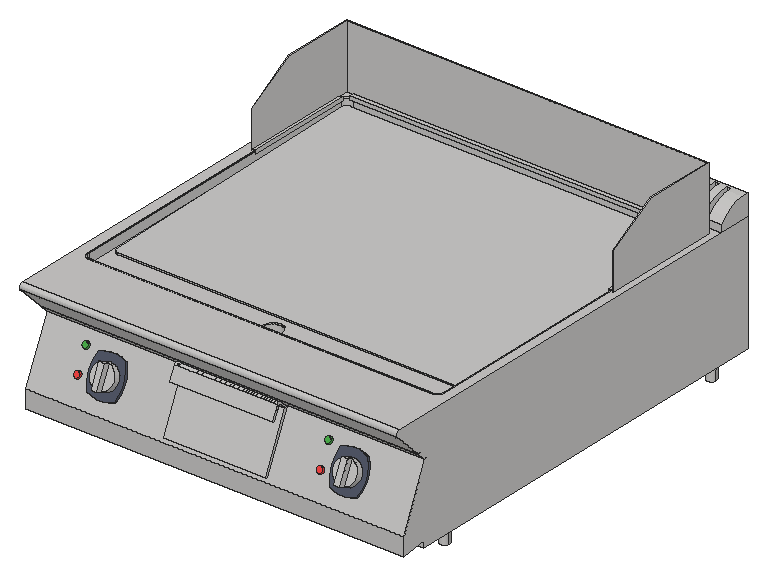
Revit family "QF_ELECTROLUXPROFESSIONAL_391176_E9FTEHCS0N", category Specialty Equipment, Revit 2018
Family settings
  Round Connector Dimension = Use Diameter
  Part Type = Normal
  Work Plane-Based = No
  Always vertical = Yes
  Cut with Voids When Loaded = No
  Shared = No
  Room Calculation Point = No
Parameters
  Width = 800 mm  # constant formula
  Weight in Pounds = 105  # constant formula
  Watts = 15000 VA  # 15000 W
  Volts = 230 V  # constant formula
  URL Cutsheet = "www.electrolux.com"
  URL = "www.electrolux.com"
  Type Mark [instance] = ""
  Status [instance] = ""
  Specification by User [instance] = ""
  Specification by Manufacturer = ""
  Show Logo [instance] = yes
  Show Clearance [instance] = yes
  Serial Number = ""
  Seismic Rating = ""
  SMACNA No = ""
  Revision Code [instance] = ""
  Phase = 3
  Omniclass Number and Title = ""
  Number of Poles [instance] = 1
  NAFEM Spec ID Number = ""
  Model = "391176"
  Min Ckt Ampacity = 0 A
  Max Overcurrent Protection = 0 A
  Masterspec = ""
  Manufacturer = "ELECTROLUX"
  Item Number [instance] = ""
  Installed By [instance] = ""
  Identify Quantity as Lot [instance] = yes
  Height = 410 mm  # constant formula
  HP = "20.1 HP"
  Furnished By [instance] = ""
  Foodservice Equipment Identifier [instance] = yes
  FL Amps = if(Phase = 3, Watts / (Volts * 1.73), Watts / Volts)  # 37.6979 A
  Electrical Remarks [instance] = "230 V/3 ph/50/60 Hz"  # constant formula
  Electric Connection Type [instance] = ""
  Elec Conn RI Height [instance] = 0 mm
  Elec Conn Connection Height [instance] = 0 mm
  Direct Waste Size = 0"
  Description = "900XP FULL MODULE ELECTRIC FRY TOP,SMOOTH SLOPED PLATE, CHROMIUMPLATED - 230 V"
  Depth = 930 mm  # constant formula
  Cycle = 60 Hz
  Conn Plug = ""
  Conn Conduit = yes
  CSI MasterFormat = ""
  CSI Master Format = ""
  Apparent Power = if(Phase = 3, Volts * FL Amps * 1.73, Volts * FL Amps)  # 15000 VA
  60 Hertz Option = not([50 Hertz Option])  # yes
  50 Hertz Option = no
Reference planes
  plane 1 "BACK": y = 0
  plane 2: z = 0
  plane 3 "LEFT": x = 0
  plane 4 "RIGHT": x = 800
  plane 5 "FRONT": y = -930
  plane 6 "TOP": z = 275
  plane 7 "Center Y": x = 400
  plane 8 "Center X": y = -465
  plane 9: y = -1045
  plane 10: z = 24
  plane 11: z = 290
  plane 12: z = 410
  plane 13: x = 11
  plane 14: x = 789
  plane 15: x = 740
Forms (mm)
  Extrusion 1, solid, material "QF_Finishes_Stainless Steel"
    sketch origin (0, 0, 0) x (0, 1, 0) y (0, 0, 1)
      loop
        line (0, 275) -> (-922.686, 275)
        arc (-922.686, 275) -> (-929.443, 270.485) -> (-927.858, 262.514) r 7.314
        line (-927.858, 262.514) -> (-873.907, 208.563) -> (-865.773, 208.563) -> (-865.773, 206.447) -> (-871.79, 206.447) -> (-858.907, 193.563) -> (-850.773, 193.563) -> (-850.773, 191.447) -> (-856.79, 191.447) -> (-913.146, 69.003) -> (-913.146, 30.903) -> (-859.774, 36.513) -> (-859.774, 24) -> (0, 24) -> (0, 275)
    from 0 to 800
  Extrusion 2, solid, material "QF_Finishes_Stainless Steel"
    sketch origin (0, 0, 0) x (1, 0, 0) y (0, 1, 0)
      loop
        circle (11, -82) r 9.525
      loop
        circle (11, -790) r 9.525
      loop
        circle (789, -82) r 9.525
      loop
        circle (789, -790) r 9.525
    from 0 to 24
  Extrusion 3, solid, material "QF_Finishes_Stainless Steel"
    sketch origin (635, 190.152, 275) x (0, -1, 0) y (1, 0, 0)
      loop
        line (273.542, 147.97) -> (273.542, -617.97) -> (275.13, -617.97) -> (275.13, 147.97) -> (273.542, 147.97)
    from 0 to 135
  Extrusion 4, void
    sketch origin (0, 0, 275) x (0, -1, 0) y (1, 0, 0)
      loop
        arc (92.539, 37.03) -> (96.932, 26.423) -> (107.539, 22.03) r 15
        line (107.539, 22.03) -> (777.539, 22.03)
        arc (777.539, 22.03) -> (788.145, 26.423) -> (792.539, 37.03) r 15
        line (792.539, 37.03) -> (792.539, 762.97)
        arc (792.539, 762.97) -> (788.145, 773.577) -> (777.539, 777.97) r 15
        line (777.539, 777.97) -> (107.539, 777.97)
        arc (107.539, 777.97) -> (96.932, 773.577) -> (92.539, 762.97) r 15
        line (92.539, 762.97) -> (92.539, 37.03)
    from 0 to -21.588
  Sweep 5, solid, material "QF_Finishes_Stainless Steel"
    path origin (0, 0, 0) x (1, 0, 0) y (0, 1, 0)
      loop
        line (22.03, -107.539) -> (22.03, -777.539)
        arc (22.03, -777.539) -> (26.423, -788.145) -> (37.03, -792.539) r 15
        line (37.03, -792.539) -> (762.97, -792.539)
        arc (762.97, -792.539) -> (773.577, -788.145) -> (777.97, -777.539) r 15
        line (777.97, -777.539) -> (777.97, -107.539)
        arc (777.97, -107.539) -> (773.577, -96.932) -> (762.97, -92.539) r 15
        line (762.97, -92.539) -> (37.03, -92.539)
        arc (37.03, -92.539) -> (26.423, -96.932) -> (22.03, -107.539) r 15
    profile origin (22.03, -442.539, 0) x (1, 0, 0) y (0, 0, 1)
      loop
        line (0, 255) -> (1.588, 255) -> (1.588, 272.855)
        arc (1.588, 272.855) -> (1.147, 274.189) -> (0, 275) r 2.242
        line (0, 275) -> (0, 255)
  Extrusion 6, solid, material "QF_Finishes_Stainless Steel"
    sketch origin (0, 0, 0) x (1, 0, 0) y (0, 0, 1)
      loop
        line (17.03, 275.856) -> (23.926, 275.856) -> (23.926, 270.856) -> (25.514, 270.856) -> (25.514, 277.444) -> (17.03, 277.444) -> (17.03, 275.856)
      loop
        line (782.97, 275.856) -> (782.97, 277.444) -> (774.486, 277.444) -> (774.486, 270.856) -> (776.074, 270.856) -> (776.074, 275.856) -> (782.97, 275.856)
    from 105.541 to 335.39
  Extrusion 7, solid, material "QF_Finishes_Stainless Steel"
    sketch origin (0, 0, 0) x (0, 1, 0) y (0, 0, 1)
      loop
        line (-94.126, 270.856) -> (-94.126, 275.856) -> (-84.978, 275.856) -> (-84.978, 277.444) -> (-95.714, 277.444) -> (-95.714, 270.856) -> (-94.126, 270.856)
    from 32.03 to 767.97
  Extrusion 8, solid, material "QF_Finishes_Stainless Steel"
    sketch origin (0, -101.6, 24) x (-1, 0, 0) y (0, 1, 0)
      loop
        circle (-740, -482.4) r 6.35
    from 0 to 5
  Extrusion 9, solid, material "QF_Clearances", visible <- "Show Clearance", detail levels coarse
    sketch origin (0, 0, 0) x (1, 0, 0) y (0, 1, 0)
      loop
        line (0, 0) -> (800, 0) -> (800, -930) -> (900, -930) -> (900, 100) -> (-100, 100) -> (-100, -930) -> (0, -930) -> (0, 0)
    from 0 to 410
  Extrusion 10, solid, material "QF_Finishes_Stainless Steel"
    sketch origin (0, 0, 0) x (0, 1, 0) y (0, 0, 1)
      loop
        line (-792.539, 255) -> (-792.539, 253.413) -> (-92.539, 253.413) -> (-92.539, 255) -> (-792.539, 255)
    from 22.03 to 777.97
  Extrusion 11, solid, material "QF_Finishes_Stainless Steel"
    sketch origin (408.514, 0, 0) x (0, 1, 0) y (0, 0, 1)
      loop
        line (-858.205, 188.372) -> (-874.612, 204.778)
        arc (-874.612, 204.778) -> (-879.079, 206.181) -> (-882.783, 203.316) r 5.058
        line (-882.783, 203.316) -> (-895.445, 175.806) -> (-892.561, 174.479) -> (-879.899, 201.989)
        arc (-879.899, 201.989) -> (-878.52, 203.055) -> (-876.857, 202.533) r 1.883
        line (-876.857, 202.533) -> (-862.014, 187.69) -> (-912.848, 77.245) -> (-909.964, 75.918) -> (-858.205, 188.372)
    from -117.029 to 100
  Extrusion 12, solid, material "QF_Door-Drawer Clearances", visible <- "Show Clearance", detail levels coarse
    sketch origin (408.514, 0, 0) x (0, 1, 0) y (0, 0, 1)
      loop
        line (-1024.713, 174.479) -> (-1012.051, 201.989)
        arc (-1012.051, 201.989) -> (-1010.672, 203.055) -> (-1009.009, 202.533) r 1.883
        line (-1009.009, 202.533) -> (-994.166, 187.69) -> (-1045, 77.245) -> (-1042.116, 75.918) -> (-909.964, 75.918) -> (-858.205, 188.372) -> (-874.612, 204.778)
        arc (-874.612, 204.778) -> (-875.847, 205.685) -> (-877.298, 206.181) r 5.058
        line (-877.298, 206.181) -> (-1011.231, 206.181)
        arc (-1011.231, 206.181) -> (-1013.435, 205.203) -> (-1014.935, 203.316) r 5.058
        line (-1014.935, 203.316) -> (-1027.597, 175.806) -> (-1024.713, 174.479)
    from -117.029 to 100
  Extrusion 13, void
    sketch origin (328.121, 0, 0) x (1, 0, 0) y (0, 1, 0)
      loop
        circle (71.879, -758.736) r 20
    from 235.859 to 256.719
  Extrusion 14, solid, material "QF_Finishes_Stainless Steel"
    sketch origin (0, 0, 0) x (0, 1, 0) y (0, 0, 1)
      loop
        line (-83.39, 410) -> (-235.39, 410) -> (-335.39, 352.265) -> (-335.39, 275) -> (-83.39, 275) -> (-83.39, 410)
    from 15.442 to 17.03
  Extrusion 15, solid, material "QF_Finishes_Navy Blue"
    sketch origin (302.956, -912.449, 70.59) x (0, 0.419232, 0.907879) y (-1, 0, 0)
      loop
        arc (102.26, -332.62) -> (66.843, -325.139) -> (31.333, -332.16) r 90.355
        arc (31.333, -332.16) -> (24.504, -361.269) -> (31.333, -390.378) r 65.456
        arc (31.333, -390.378) -> (66.877, -399.452) -> (102.26, -389.765) r 71.728
        arc (102.26, -389.765) -> (108.852, -361.193) -> (102.26, -332.62) r 65.22
    from 0 to 3.175
  Extrusion 16, solid, material "QF_Finishes_Stainless Steel"
    sketch origin (504.206, -916.163, 70.121) x (0, 0.419232, 0.907879) y (-1, 0, 0)
      loop
        circle (68.826, -160.963) r 25.4
    from 0 to 12.7
  Extrusion 17, solid, material "QF_Finishes_Stainless Steel"
    sketch origin (504.206, -927.693, 75.445) x (0, 0.419232, 0.907879) y (-1, 0, 0)
      loop
        arc (93.558, -166.749) -> (94.226, -160.963) -> (93.558, -155.177) r 25.4
        line (93.558, -155.177) -> (44.094, -155.177)
        arc (44.094, -155.177) -> (43.426, -160.963) -> (44.094, -166.749) r 25.4
        line (44.094, -166.749) -> (93.558, -166.749)
    from 0 to 12.7
  Extrusion 18, solid, material "QF_Finishes_Green"
    sketch origin (316.698, -908.494, 79.155) x (0, 0.419232, 0.907879) y (-1, 0, 0)
      loop
        circle (94.749, -290.848) r 6.35
    from 0 to 3.175
  Extrusion 19, solid, material "QF_Finishes_Red"
    sketch origin (316.698, -930.457, 31.593) x (0, 0.419232, 0.907879) y (-1, 0, 0)
      loop
        circle (95.112, -290.848) r 6.35
    from 0 to 3.175
  Extrusion 20, solid, material "QF_Finishes_Stainless Steel"
    sketch origin (800, 0, 0) x (0, 1, 0) y (0, 0, -1)
      loop
        line (-83.39, -410) -> (-83.39, -275) -> (-335.39, -275) -> (-335.39, -352.265) -> (-235.39, -410) -> (-83.39, -410)
    from 15.442 to 17.03
  Extrusion 21, solid, material "QF_Finishes_Navy Blue"
    sketch origin (-212.044, -912.449, 70.59) x (0, 0.419232, 0.907879) y (-1, 0, 0)
      loop
        arc (102.26, -332.62) -> (66.843, -325.139) -> (31.333, -332.16) r 90.355
        arc (31.333, -332.16) -> (24.504, -361.269) -> (31.333, -390.378) r 65.456
        arc (31.333, -390.378) -> (66.877, -399.452) -> (102.26, -389.765) r 71.728
        arc (102.26, -389.765) -> (108.852, -361.193) -> (102.26, -332.62) r 65.22
    from 0 to 3.175
  Extrusion 22, solid, material "QF_Finishes_Stainless Steel"
    sketch origin (-10.794, -916.163, 70.121) x (0, 0.419232, 0.907879) y (-1, 0, 0)
      loop
        circle (68.826, -160.963) r 25.4
    from 0 to 12.7
  Extrusion 23, solid, material "QF_Finishes_Stainless Steel"
    sketch origin (-10.794, -927.693, 75.445) x (0, 0.419232, 0.907879) y (-1, 0, 0)
      loop
        arc (93.558, -166.749) -> (94.226, -160.963) -> (93.558, -155.177) r 25.4
        line (93.558, -155.177) -> (44.094, -155.177)
        arc (44.094, -155.177) -> (43.426, -160.963) -> (44.094, -166.749) r 25.4
        line (44.094, -166.749) -> (93.558, -166.749)
    from 0 to 12.7
  Extrusion 24, solid, material "QF_Finishes_Green"
    sketch origin (-198.302, -908.494, 79.155) x (0, 0.419232, 0.907879) y (-1, 0, 0)
      loop
        circle (94.749, -290.848) r 6.35
    from 0 to 3.175
  Extrusion 25, solid, material "QF_Finishes_Red"
    sketch origin (-198.302, -930.457, 31.593) x (0, 0.419232, 0.907879) y (-1, 0, 0)
      loop
        circle (95.112, -290.848) r 6.35
    from 0 to 3.175
  Extrusion 26, solid, material "QF_Finishes_Stainless Steel"
    sketch origin (0, 0, -10.038) x (0, 1, 0) y (0, 0, 1)
      loop
        line (0, 285.038) -> (0, 331.738)
        arc (0, 331.738) -> (-38.857, 324.552) -> (-69.85, 300.038) r 82.056
        line (-69.85, 300.038) -> (-69.85, 285.038) -> (0, 285.038)
    from 0 to 400
  Extrusion 27, void
    sketch origin (0, 0, 264.6) x (0, -1, 0) y (1, 0, 0)
      loop
        line (6.761, 29.703) -> (63.911, 29.703) -> (63.911, 38.999) -> (6.761, 38.999) -> (6.761, 29.703)
      loop
        line (63.911, 64.487) -> (6.761, 64.487) -> (6.761, 55.191) -> (63.911, 55.191) -> (63.911, 64.487)
      loop
        line (63.911, 89.975) -> (6.761, 89.975) -> (6.761, 80.68) -> (63.911, 80.68) -> (63.911, 89.975)
      loop
        line (63.911, 115.464) -> (6.761, 115.464) -> (6.761, 106.168) -> (63.911, 106.168) -> (63.911, 115.464)
      loop
        line (63.911, 140.952) -> (6.761, 140.952) -> (6.761, 131.656) -> (63.911, 131.656) -> (63.911, 140.952)
      loop
        line (63.911, 166.44) -> (6.761, 166.44) -> (6.761, 157.145) -> (63.911, 157.145) -> (63.911, 166.44)
      loop
        line (63.911, 191.929) -> (6.761, 191.929) -> (6.761, 182.633) -> (63.911, 182.633) -> (63.911, 191.929)
      loop
        line (63.911, 217.417) -> (6.761, 217.417) -> (6.761, 208.121) -> (63.911, 208.121) -> (63.911, 217.417)
      loop
        line (63.911, 242.905) -> (6.761, 242.905) -> (6.761, 233.61) -> (63.911, 233.61) -> (63.911, 242.905)
      loop
        line (63.911, 268.394) -> (6.761, 268.394) -> (6.761, 259.098) -> (63.911, 259.098) -> (63.911, 268.394)
      loop
        line (63.911, 293.882) -> (6.761, 293.882) -> (6.761, 284.586) -> (63.911, 284.586) -> (63.911, 293.882)
      loop
        line (63.911, 319.37) -> (6.761, 319.37) -> (6.761, 310.075) -> (63.911, 310.075) -> (63.911, 319.37)
      loop
        line (63.911, 344.859) -> (6.761, 344.859) -> (6.761, 335.563) -> (63.911, 335.563) -> (63.911, 344.859)
      loop
        line (63.911, 370.347) -> (6.761, 370.347) -> (6.761, 361.051) -> (63.911, 361.051) -> (63.911, 370.347)
    from 25.4 to 63.5
  Extrusion 28, solid, material "QF_Finishes_Stainless Steel"
    sketch origin (800, 0, -10.038) x (0, 1, 0) y (0, 0, -1)
      loop
        line (0, -285.038) -> (-69.85, -285.038) -> (-69.85, -300.038)
        arc (-69.85, -300.038) -> (-38.857, -324.552) -> (0, -331.738) r 82.056
        line (0, -331.738) -> (0, -285.038)
    from 0 to 400
  Extrusion 29, void
    sketch origin (800, 0, 264.6) x (0, -1, 0) y (1, 0, 0)
      loop
        line (6.761, -29.703) -> (6.761, -38.999) -> (63.911, -38.999) -> (63.911, -29.703) -> (6.761, -29.703)
      loop
        line (63.911, -64.487) -> (63.911, -55.191) -> (6.761, -55.191) -> (6.761, -64.487) -> (63.911, -64.487)
      loop
        line (63.911, -89.975) -> (63.911, -80.68) -> (6.761, -80.68) -> (6.761, -89.975) -> (63.911, -89.975)
      loop
        line (63.911, -115.464) -> (63.911, -106.168) -> (6.761, -106.168) -> (6.761, -115.464) -> (63.911, -115.464)
      loop
        line (63.911, -140.952) -> (63.911, -131.656) -> (6.761, -131.656) -> (6.761, -140.952) -> (63.911, -140.952)
      loop
        line (63.911, -166.44) -> (63.911, -157.145) -> (6.761, -157.145) -> (6.761, -166.44) -> (63.911, -166.44)
      loop
        line (63.911, -191.929) -> (63.911, -182.633) -> (6.761, -182.633) -> (6.761, -191.929) -> (63.911, -191.929)
      loop
        line (63.911, -217.417) -> (63.911, -208.121) -> (6.761, -208.121) -> (6.761, -217.417) -> (63.911, -217.417)
      loop
        line (63.911, -242.905) -> (63.911, -233.61) -> (6.761, -233.61) -> (6.761, -242.905) -> (63.911, -242.905)
      loop
        line (63.911, -268.394) -> (63.911, -259.098) -> (6.761, -259.098) -> (6.761, -268.394) -> (63.911, -268.394)
      loop
        line (63.911, -293.882) -> (63.911, -284.586) -> (6.761, -284.586) -> (6.761, -293.882) -> (63.911, -293.882)
      loop
        line (63.911, -319.37) -> (63.911, -310.075) -> (6.761, -310.075) -> (6.761, -319.37) -> (63.911, -319.37)
      loop
        line (63.911, -344.859) -> (63.911, -335.563) -> (6.761, -335.563) -> (6.761, -344.859) -> (63.911, -344.859)
      loop
        line (63.911, -370.347) -> (63.911, -361.051) -> (6.761, -361.051) -> (6.761, -370.347) -> (63.911, -370.347)
    from 25.4 to 63.5
  Extrusion 30, solid, material "QF_Finishes_Stainless Steel"
    sketch origin (0, 0, 0) x (0, 1, 0) y (0, 0, 1)
      loop
        line (-722.539, 256.999) -> (-722.539, 255) -> (-105.406, 255) -> (-105.406, 265.217) -> (-722.539, 256.999)
    from 32.03 to 767.97
  Extrusion 31, void
    sketch origin (0, 0, 0) x (1, 0, 0) y (0, 1, 0)
      loop
        arc (42.03, -722.539) -> (34.958, -719.61) -> (32.03, -712.539) r 10
        line (32.03, -712.539) -> (32.03, -722.539) -> (42.03, -722.539)
      loop
        line (757.97, -722.539) -> (767.97, -722.539) -> (767.97, -712.539)
        arc (767.97, -712.539) -> (765.042, -719.61) -> (757.97, -722.539) r 10
      loop
        line (42.03, -105.406) -> (32.03, -105.406) -> (32.03, -115.406)
        arc (32.03, -115.406) -> (34.958, -108.335) -> (42.03, -105.406) r 10
      loop
        arc (757.97, -105.406) -> (765.042, -108.335) -> (767.97, -115.406) r 10
        line (767.97, -115.406) -> (767.97, -105.406) -> (757.97, -105.406)
    from 255 to 270.856
Cuts and joins
  Extrusion 4, Extrusion 13 cuts Extrusion 1
  Extrusion 13 cuts Extrusion 10
  joined: Extrusion 3, Extrusion 14, Extrusion 20
  Extrusion 27, Extrusion 29 cuts Extrusion 26
  Extrusion 29 cuts Extrusion 28
  Extrusion 31 cuts Extrusion 30
Lines and regions (mm)
  symbolic lines, style "QF_Clearances", visible <- "Show Clearance", detail levels coarse
    curve 1: line (900, -930, 0) -> (900, 100, 0)
    curve 2: line (900, 100, 0) -> (-100, 100, 0)
    curve 3: line (-100, 100, 0) -> (-100, -930, 0)
  symbolic lines
    curve 4: line (0, -930, 0) -> (800, -930, 0)
    curve 5: line (800, -930, 0) -> (800, 0, 0)
    curve 6: line (800, 0, 0) -> (0, 0, 0)
    curve 7: line (0, 0, 0) -> (0, -930, 0)
    curve 8: line (762.97, -792.539, 0) -> (37.03, -792.539, 0)
    curve 9: arc (37.03, -792.539, 0) -> (26.423, -788.145, 0) -> (22.03, -777.539, 0) r 15
    curve 10: line (22.03, -777.539, 0) -> (22.03, -335.39, 0)
    curve 11: arc (22.163, -105.541, 0) -> (25.387, -98.081, 0) -> (32.03, -93.397, 0) r 15
    curve 12: arc (767.97, -93.397, 0) -> (774.613, -98.081, 0) -> (777.837, -105.541, 0) r 15
    curve 13: line (777.97, -335.39, 0) -> (777.97, -777.539, 0)
    curve 14: arc (777.97, -777.539, 0) -> (773.577, -788.145, 0) -> (762.97, -792.539, 0) r 15
    curve 15: line (757.97, -722.539, 0) -> (42.03, -722.539, 0)
    curve 16: arc (42.03, -722.539, 0) -> (34.958, -719.61, 0) -> (32.03, -712.539, 0) r 10
    curve 17: line (32.03, -712.539, 0) -> (32.03, -115.406, 0)
    curve 18: arc (32.03, -115.406, 0) -> (34.958, -108.335, 0) -> (42.03, -105.406, 0) r 10
    curve 19: line (42.03, -105.406, 0) -> (757.97, -105.406, 0)
    curve 20: arc (757.97, -105.406, 0) -> (765.042, -108.335, 0) -> (767.97, -115.406, 0) r 10
    curve 21: line (767.97, -115.406, 0) -> (767.97, -712.539, 0)
    curve 22: arc (767.97, -712.539, 0) -> (765.042, -719.61, 0) -> (757.97, -722.539, 0) r 10
    curve 23: line (15.442, -83.39, 0) -> (15.442, -335.39, 0)
    curve 24: line (784.558, -83.39, 0) -> (15.442, -83.39, 0)
    curve 25: line (784.558, -335.39, 0) -> (784.558, -83.39, 0)
    curve 26: line (767.97, -95.714, 0) -> (767.97, -83.39, 0)
    curve 27: line (32.03, -95.714, 0) -> (767.97, -95.714, 0)
    curve 28: line (32.03, -83.39, 0) -> (32.03, -95.714, 0)
    curve 29: line (784.558, -105.541, 0) -> (774.486, -105.541, 0)
    curve 30: line (25.514, -335.39, 0) -> (25.514, -105.541, 0)
    curve 31: line (15.442, -335.39, 0) -> (25.514, -335.39, 0)
    curve 32: line (774.486, -105.541, 0) -> (774.486, -335.39, 0)
    curve 33: line (774.486, -335.39, 0) -> (784.558, -335.39, 0)
    curve 34: line (25.514, -105.541, 0) -> (15.442, -105.541, 0)
    curve 35: line (38.999, -6.761, 0) -> (38.999, -63.911, 0)
    curve 36: line (38.999, -63.911, 0) -> (29.703, -63.911, 0)
    curve 37: line (29.703, -63.911, 0) -> (29.703, -6.761, 0)
    curve 38: line (29.703, -6.761, 0) -> (38.999, -6.761, 0)
    curve 39: line (55.191, -63.911, 0) -> (55.191, -6.761, 0)
    curve 40: line (55.191, -6.761, 0) -> (64.487, -6.761, 0)
    curve 41: line (64.487, -6.761, 0) -> (64.487, -63.911, 0)
    curve 42: line (64.487, -63.911, 0) -> (55.191, -63.911, 0)
    curve 43: line (89.975, -6.761, 0) -> (89.975, -63.911, 0)
    curve 44: line (89.975, -63.911, 0) -> (80.68, -63.911, 0)
    curve 45: line (80.68, -63.911, 0) -> (80.68, -6.761, 0)
    curve 46: line (80.68, -6.761, 0) -> (89.975, -6.761, 0)
    curve 47: line (115.464, -6.761, 0) -> (115.464, -63.911, 0)
    curve 48: line (115.464, -63.911, 0) -> (106.168, -63.911, 0)
    curve 49: line (106.168, -63.911, 0) -> (106.168, -6.761, 0)
    curve 50: line (106.168, -6.761, 0) -> (115.464, -6.761, 0)
    curve 51: line (140.952, -6.761, 0) -> (140.952, -63.911, 0)
    curve 52: line (140.952, -63.911, 0) -> (131.656, -63.911, 0)
    curve 53: line (131.656, -63.911, 0) -> (131.656, -6.761, 0)
    curve 54: line (131.656, -6.761, 0) -> (140.952, -6.761, 0)
    curve 55: line (166.44, -6.761, 0) -> (166.44, -63.911, 0)
    curve 56: line (166.44, -63.911, 0) -> (157.145, -63.911, 0)
    curve 57: line (157.145, -63.911, 0) -> (157.145, -6.761, 0)
    curve 58: line (157.145, -6.761, 0) -> (166.44, -6.761, 0)
    curve 59: line (191.929, -6.761, 0) -> (191.929, -63.911, 0)
    curve 60: line (191.929, -63.911, 0) -> (182.633, -63.911, 0)
    curve 61: line (182.633, -63.911, 0) -> (182.633, -6.761, 0)
    curve 62: line (182.633, -6.761, 0) -> (191.929, -6.761, 0)
    curve 63: line (208.121, -63.911, 0) -> (208.121, -6.761, 0)
    curve 64: line (208.121, -6.761, 0) -> (217.417, -6.761, 0)
    curve 65: line (217.417, -6.761, 0) -> (217.417, -63.911, 0)
    curve 66: line (217.417, -63.911, 0) -> (208.121, -63.911, 0)
    curve 67: line (767.97, -83.39, 0) -> (767.97, -95.714, 0)
    curve 68: line (361.001, -6.761, 0) -> (361.001, -63.911, 0)
    curve 69: line (361.001, -63.911, 0) -> (370.297, -63.911, 0)
    curve 70: line (370.297, -63.911, 0) -> (370.297, -6.761, 0)
    curve 71: line (370.297, -6.761, 0) -> (361.001, -6.761, 0)
    curve 72: line (344.809, -63.911, 0) -> (344.809, -6.761, 0)
    curve 73: line (344.809, -6.761, 0) -> (335.513, -6.761, 0)
    curve 74: line (335.513, -6.761, 0) -> (335.513, -63.911, 0)
    curve 75: line (335.513, -63.911, 0) -> (344.809, -63.911, 0)
    curve 76: line (310.025, -6.761, 0) -> (310.025, -63.911, 0)
    curve 77: line (310.025, -63.911, 0) -> (319.32, -63.911, 0)
    curve 78: line (319.32, -63.911, 0) -> (319.32, -6.761, 0)
    curve 79: line (319.32, -6.761, 0) -> (310.025, -6.761, 0)
    curve 80: line (284.536, -6.761, 0) -> (284.536, -63.911, 0)
    curve 81: line (284.536, -63.911, 0) -> (293.832, -63.911, 0)
    curve 82: line (293.832, -63.911, 0) -> (293.832, -6.761, 0)
    curve 83: line (293.832, -6.761, 0) -> (284.536, -6.761, 0)
    curve 84: line (259.048, -6.761, 0) -> (259.048, -63.911, 0)
    curve 85: line (259.048, -63.911, 0) -> (268.344, -63.911, 0)
    curve 86: line (268.344, -63.911, 0) -> (268.344, -6.761, 0)
    curve 87: line (268.344, -6.761, 0) -> (259.048, -6.761, 0)
    curve 88: line (233.56, -6.761, 0) -> (233.56, -63.911, 0)
    curve 89: line (233.56, -63.911, 0) -> (242.855, -63.911, 0)
    curve 90: line (242.855, -63.911, 0) -> (242.855, -6.761, 0)
    curve 91: line (242.855, -6.761, 0) -> (233.56, -6.761, 0)
    curve 92: arc (380, -758.736, 0) -> (400, -738.736, 0) -> (420, -758.736, 0) r 20
    curve 93: arc (380, -758.736, 0) -> (400, -778.736, 0) -> (420, -758.736, 0) r 20
    curve 94: arc (777.837, -105.541, 0) -> (774.613, -98.081, 0) -> (767.97, -93.397, 0) r 15
    curve 95: arc (767.97, -115.406, 0) -> (765.042, -108.335, 0) -> (757.97, -105.406, 0) r 10
    curve 96: line (767.97, -83.39, 0) -> (767.97, -95.714, 0)
    curve 97: line (761.001, -6.761, 0) -> (761.001, -63.911, 0)
    curve 98: line (761.001, -63.911, 0) -> (770.297, -63.911, 0)
    curve 99: line (770.297, -63.911, 0) -> (770.297, -6.761, 0)
    curve 100: line (770.297, -6.761, 0) -> (761.001, -6.761, 0)
    curve 101: line (744.809, -63.911, 0) -> (744.809, -6.761, 0)
    curve 102: line (744.809, -6.761, 0) -> (735.513, -6.761, 0)
    curve 103: line (735.513, -6.761, 0) -> (735.513, -63.911, 0)
    curve 104: line (735.513, -63.911, 0) -> (744.809, -63.911, 0)
    curve 105: line (710.025, -6.761, 0) -> (710.025, -63.911, 0)
    curve 106: line (710.025, -63.911, 0) -> (719.32, -63.911, 0)
    curve 107: line (719.32, -63.911, 0) -> (719.32, -6.761, 0)
    curve 108: line (719.32, -6.761, 0) -> (710.025, -6.761, 0)
    curve 109: line (684.536, -6.761, 0) -> (684.536, -63.911, 0)
    curve 110: line (684.536, -63.911, 0) -> (693.832, -63.911, 0)
    curve 111: line (693.832, -63.911, 0) -> (693.832, -6.761, 0)
    curve 112: line (693.832, -6.761, 0) -> (684.536, -6.761, 0)
    curve 113: line (659.048, -6.761, 0) -> (659.048, -63.911, 0)
    curve 114: line (659.048, -63.911, 0) -> (668.344, -63.911, 0)
    curve 115: line (668.344, -63.911, 0) -> (668.344, -6.761, 0)
    curve 116: line (668.344, -6.761, 0) -> (659.048, -6.761, 0)
    curve 117: line (633.56, -6.761, 0) -> (633.56, -63.911, 0)
    curve 118: line (633.56, -63.911, 0) -> (642.855, -63.911, 0)
    curve 119: line (642.855, -63.911, 0) -> (642.855, -6.761, 0)
    curve 120: line (642.855, -6.761, 0) -> (633.56, -6.761, 0)
    curve 121: line (608.071, -6.761, 0) -> (608.071, -63.911, 0)
    curve 122: line (608.071, -63.911, 0) -> (617.367, -63.911, 0)
    curve 123: line (617.367, -63.911, 0) -> (617.367, -6.761, 0)
    curve 124: line (617.367, -6.761, 0) -> (608.071, -6.761, 0)
    curve 125: line (591.879, -63.911, 0) -> (591.879, -6.761, 0)
    curve 126: line (591.879, -6.761, 0) -> (582.583, -6.761, 0)
    curve 127: line (582.583, -6.761, 0) -> (582.583, -63.911, 0)
    curve 128: line (582.583, -63.911, 0) -> (591.879, -63.911, 0)
    curve 129: line (438.999, -6.761, 0) -> (438.999, -63.911, 0)
    curve 130: line (438.999, -63.911, 0) -> (429.703, -63.911, 0)
    curve 131: line (429.703, -63.911, 0) -> (429.703, -6.761, 0)
    curve 132: line (429.703, -6.761, 0) -> (438.999, -6.761, 0)
    curve 133: line (455.191, -63.911, 0) -> (455.191, -6.761, 0)
    curve 134: line (455.191, -6.761, 0) -> (464.487, -6.761, 0)
    curve 135: line (464.487, -6.761, 0) -> (464.487, -63.911, 0)
    curve 136: line (464.487, -63.911, 0) -> (455.191, -63.911, 0)
    curve 137: line (489.975, -6.761, 0) -> (489.975, -63.911, 0)
    curve 138: line (489.975, -63.911, 0) -> (480.68, -63.911, 0)
    curve 139: line (480.68, -63.911, 0) -> (480.68, -6.761, 0)
    curve 140: line (480.68, -6.761, 0) -> (489.975, -6.761, 0)
    curve 141: line (515.464, -6.761, 0) -> (515.464, -63.911, 0)
    curve 142: line (515.464, -63.911, 0) -> (506.168, -63.911, 0)
    curve 143: line (506.168, -63.911, 0) -> (506.168, -6.761, 0)
    curve 144: line (506.168, -6.761, 0) -> (515.464, -6.761, 0)
    curve 145: line (540.952, -6.761, 0) -> (540.952, -63.911, 0)
    curve 146: line (540.952, -63.911, 0) -> (531.656, -63.911, 0)
    curve 147: line (531.656, -63.911, 0) -> (531.656, -6.761, 0)
    curve 148: line (531.656, -6.761, 0) -> (540.952, -6.761, 0)
    curve 149: line (566.44, -6.761, 0) -> (566.44, -63.911, 0)
    curve 150: line (566.44, -63.911, 0) -> (557.145, -63.911, 0)
    curve 151: line (557.145, -63.911, 0) -> (557.145, -6.761, 0)
    curve 152: line (557.145, -6.761, 0) -> (566.44, -6.761, 0)
  symbolic lines, style "QF_Door-Drawer Clearances"
    curve 153: line (291.486, -930, 0) -> (291.486, -1045, 0)
    curve 154: line (291.486, -1045, 0) -> (508.514, -1045, 0)
    curve 155: line (508.514, -1045, 0) -> (508.514, -930, 0)
Dimensions and locks
  equal spacing: plane 3 "LEFT", plane 7 "Center Y", plane 4 "RIGHT"
  "Width": plane 3 "LEFT" to plane 4 "RIGHT"
  equal spacing: plane 5 "FRONT", plane 8 "Center X", plane 1 "BACK"
  "Depth": plane 5 "FRONT" to plane 1 "BACK"
  plane 6 "TOP" to level = 275 mm
  plane 1 "BACK" to plane 9 = 1045 mm  (x2)
  plane 10 to level = 24 mm  (x2)
  plane 11 to plane 10 = 266 mm
  plane 6 "TOP" to plane 10 = 251 mm
  plane 12 to level = 410 mm
  plane 12 to plane 10 = 386 mm  (x2)
  plane 13 to plane 3 "LEFT" = 11 mm
  locked: plane 14 to plane 4 "RIGHT" at 11
  plane 1 "BACK" to plane 5 "FRONT" = 930 mm
  "Height": plane 12 to level
  Extrusion 8 to plane 10 = 5 mm
  plane 1 "BACK" to Extrusion 8 = 584 mm
  plane 1 "BACK" to Extrusion 2 to Extrusion 2 to plane 5 "FRONT" = 82 mm, 708 mm, 140 mm
  plane 13 to plane 14 = 778 mm
  Extrusion 8 sketch curve to plane 4 "RIGHT" = 60 mm
  Extrusion 8 sketch curve to plane 1 "BACK" = 584 mm
  plane 4 "RIGHT" to curve 1 = 100 mm
  curve 3 to plane 3 "LEFT" = 100 mm
  curve 2 to plane 1 "BACK" = 100 mm
  plane 15 to plane 4 "RIGHT" = 60 mm
  aligned and locked: level to plane 2
  aligned and locked: Extrusion 1 to plane 4 "RIGHT"
Automatic sketch dimensions
  Extrusion 1 sketch curve to plane 6 "TOP" = 0 mm
  Extrusion 1 sketch curve to plane 10 = 0 mm
  Extrusion 1 sketch curve to plane 1 "BACK" = 0 mm
  Extrusion 1 sketch curve to plane 5 "FRONT" = 79.227 mm
  Extrusion 1 sketch curve to Extrusion 1 sketch curve = 6.017 mm  (x2)
  Extrusion 1 sketch curve to Extrusion 1 sketch curve = 2.117 mm  (x4)
  plane 10 to Extrusion 1 sketch curve = 12.513 mm
  Extrusion 1 sketch curve to plane 5 "FRONT" = 70.226 mm
  Extrusion 1 sketch curve to Extrusion 1 sketch curve = 6.866 mm
  Extrusion 1 sketch curve to plane 5 "FRONT" = 16.854 mm
  Extrusion 1 sketch curve to plane 5 "FRONT" = 7.314 mm
  Extrusion 1 sketch curve to plane 5 "FRONT" = 2.142 mm
  plane 10 to Extrusion 1 sketch curve = 6.903 mm
  Extrusion 1 sketch curve to Extrusion 1 sketch curve = 38.1 mm
  Extrusion 1 sketch curve to plane 6 "TOP" = 83.553 mm
  Extrusion 1 sketch curve to Extrusion 1 sketch curve = 12.883 mm
  Extrusion 1 sketch curve to plane 6 "TOP" = 12.486 mm
  Extrusion 2 sketch curve to plane 13 = 0 mm  (x2)
  Extrusion 2 sketch curve to plane 14 = 0 mm  (x2)
  Extrusion 2 sketch curve to plane 5 "FRONT" = 140 mm  (x2)
  plane 1 "BACK" to Extrusion 2 sketch curve = 82 mm  (x2)
  plane 13 to Sweep 5 sketch curve = 11.03 mm
  Sweep 5 sketch curve to Sweep 5 sketch curve = 15 mm  (x2)
  plane 14 to Sweep 5 sketch curve = 26.03 mm  (x2)
  plane 14 to Sweep 5 sketch curve = 11.03 mm
  Sweep 5 sketch curve to plane 5 "FRONT" = 137.461 mm
  plane 1 "BACK" to Sweep 5 sketch curve = 107.539 mm
  profile plane to Sweep 5 sketch curve = 0 mm
  profile plane to Sweep 5 sketch curve = 0.655 mm
  Sweep 5 sketch curve to profile plane = 1.588 mm
  level to Sweep 5 sketch curve = 255 mm
  Sweep 5 sketch curve to Sweep 5 sketch curve = 17.855 mm
  plane 6 "TOP" to Extrusion 6 sketch curve = 0.856 mm  (x2)
  plane 13 to Extrusion 6 sketch curve = 6.03 mm
  Extrusion 6 sketch curve to plane 6 "TOP" = 4.144 mm  (x2)
  Extrusion 6 sketch curve to Extrusion 6 sketch curve = 6.896 mm
  Extrusion 6 sketch curve to Extrusion 6 sketch curve = 1.588 mm  (x3)
  plane 14 to Extrusion 6 sketch curve = 14.514 mm
  plane 6 "TOP" to Extrusion 6 sketch curve = 2.444 mm
  plane 14 to Extrusion 6 sketch curve = 6.03 mm
  plane 6 "TOP" to Extrusion 7 sketch curve = 2.444 mm
  plane 1 "BACK" to Extrusion 7 sketch curve = 95.714 mm
  Extrusion 7 sketch curve to Extrusion 7 sketch curve = 1.588 mm
  Extrusion 7 sketch curve to Extrusion 7 sketch curve = 9.149 mm
  plane 6 "TOP" to Extrusion 7 sketch curve = 0.856 mm
  Extrusion 7 sketch curve to plane 6 "TOP" = 4.144 mm
  Extrusion 10 sketch curve to plane 6 "TOP" = 21.587 mm
  Extrusion 10 sketch curve to plane 5 "FRONT" = 137.461 mm
  plane 1 "BACK" to Extrusion 10 sketch curve = 92.539 mm
  Extrusion 10 sketch curve to Extrusion 10 sketch curve = 1.588 mm
  Extrusion 11 sketch curve to Extrusion 11 sketch curve = 0 mm  (x2)
  Extrusion 11 sketch curve to plane 5 "FRONT" = 17.152 mm
  Extrusion 11 sketch curve to Extrusion 11 sketch curve = 2.884 mm  (x3)
  Extrusion 11 sketch curve to plane 5 "FRONT" = 34.555 mm
  Extrusion 11 sketch curve to Extrusion 11 sketch curve = 12.662 mm
  Extrusion 11 sketch curve to Extrusion 11 sketch curve = 1.711 mm
  Extrusion 11 sketch curve to Extrusion 11 sketch curve = 1.332 mm
  Extrusion 11 sketch curve to Extrusion 11 sketch curve = 2.245 mm
  Extrusion 11 sketch curve to Extrusion 11 sketch curve = 14.843 mm
  Extrusion 11 sketch curve to Extrusion 11 sketch curve = 3.809 mm
  plane 10 to Extrusion 11 sketch curve = 51.918 mm
  Extrusion 11 sketch curve to Extrusion 11 sketch curve = 1.327 mm  (x2)
  Extrusion 11 sketch curve to Extrusion 11 sketch curve = 13.211 mm
  Extrusion 11 sketch curve to Extrusion 11 sketch curve = 0.787 mm
  Extrusion 12 sketch curve to Extrusion 12 sketch curve = 0 mm  (x2)
  Extrusion 12 sketch curve to plane 9 = 0 mm
  plane 9 to Extrusion 12 sketch curve = 2.884 mm
  plane 9 to Extrusion 12 sketch curve = 17.403 mm
  Extrusion 12 sketch curve to Extrusion 12 sketch curve = 2.884 mm  (x2)
  plane 9 to Extrusion 12 sketch curve = 30.065 mm
  Extrusion 12 sketch curve to Extrusion 12 sketch curve = 0.82 mm
  Extrusion 12 sketch curve to Extrusion 12 sketch curve = 1.711 mm
  Extrusion 12 sketch curve to Extrusion 12 sketch curve = 1.332 mm
  Extrusion 12 sketch curve to Extrusion 12 sketch curve = 14.843 mm
  Extrusion 12 sketch curve to plane 5 "FRONT" = 20.036 mm
  Extrusion 12 sketch curve to plane 5 "FRONT" = 51.812 mm
  Extrusion 12 sketch curve to Extrusion 12 sketch curve = 0.891 mm
  Extrusion 12 sketch curve to Extrusion 12 sketch curve = 2.686 mm
  Extrusion 12 sketch curve to Extrusion 12 sketch curve = 16.406 mm
  plane 10 to Extrusion 12 sketch curve = 51.918 mm
  Extrusion 12 sketch curve to Extrusion 12 sketch curve = 1.327 mm  (x2)
  Extrusion 12 sketch curve to Extrusion 12 sketch curve = 13.211 mm
  Extrusion 12 sketch curve to plane 6 "TOP" = 86.628 mm
  Extrusion 12 sketch curve to Extrusion 12 sketch curve = 0.787 mm
  Extrusion 12 sketch curve to Extrusion 12 sketch curve = 4.979 mm
  Extrusion 13 sketch curve to plane 7 "Center Y" = 0 mm
  Extrusion 13 sketch curve to plane 5 "FRONT" = 171.264 mm
  Extrusion 14 sketch curve to plane 6 "TOP" = 0 mm
  Extrusion 14 sketch curve to plane 12 = 0 mm
  Extrusion 14 sketch curve to plane 12 = 57.735 mm
  plane 8 "Center X" to Extrusion 14 sketch curve = 129.61 mm
  Extrusion 14 sketch curve to Extrusion 14 sketch curve = 100 mm
  plane 1 "BACK" to Extrusion 14 sketch curve = 83.39 mm
  plane 14 to Extrusion 15 sketch curve = 153.884 mm
  Extrusion 15 sketch curve to Extrusion 15 sketch curve = 0 mm
  Extrusion 15 sketch curve to Extrusion 15 sketch curve = 12.3 mm  (x3)
  Extrusion 15 sketch curve to Extrusion 15 sketch curve = 34.925 mm  (x2)
  Extrusion 15 sketch curve to Extrusion 15 sketch curve = 23.703 mm
  Extrusion 15 sketch curve to Extrusion 15 sketch curve = 0.46 mm
  Extrusion 15 sketch curve to Extrusion 15 sketch curve = 29.032 mm
  Extrusion 15 sketch curve to Extrusion 15 sketch curve = 28.496 mm
  Extrusion 17 sketch curve to Extrusion 17 sketch curve = 24.732 mm
  Extrusion 17 sketch curve to Extrusion 17 sketch curve = 0 mm
  plane 14 to Extrusion 18 sketch curve = 181.454 mm
  plane 14 to Extrusion 19 sketch curve = 181.454 mm
  Extrusion 20 sketch curve to plane 6 "TOP" = 0 mm
  Extrusion 20 sketch curve to plane 12 = 0 mm
  Extrusion 20 sketch curve to plane 12 = 57.735 mm
  plane 8 "Center X" to Extrusion 20 sketch curve = 129.61 mm
  Extrusion 20 sketch curve to Extrusion 20 sketch curve = 100 mm
  plane 1 "BACK" to Extrusion 20 sketch curve = 83.39 mm
  plane 13 to Extrusion 21 sketch curve = 109.116 mm
  Extrusion 21 sketch curve to Extrusion 21 sketch curve = 0 mm
  Extrusion 21 sketch curve to Extrusion 21 sketch curve = 12.3 mm  (x3)
  Extrusion 21 sketch curve to Extrusion 21 sketch curve = 34.925 mm  (x2)
  Extrusion 21 sketch curve to Extrusion 21 sketch curve = 23.703 mm
  Extrusion 21 sketch curve to Extrusion 21 sketch curve = 0.46 mm
  Extrusion 21 sketch curve to Extrusion 21 sketch curve = 29.032 mm
  Extrusion 21 sketch curve to Extrusion 21 sketch curve = 28.496 mm
  Extrusion 23 sketch curve to Extrusion 23 sketch curve = 24.732 mm
  Extrusion 23 sketch curve to Extrusion 23 sketch curve = 0 mm
  plane 13 to Extrusion 24 sketch curve = 81.546 mm
  plane 13 to Extrusion 25 sketch curve = 81.546 mm
  Extrusion 26 sketch curve to plane 6 "TOP" = 0 mm
  Extrusion 26 sketch curve to plane 11 = 0 mm
  Extrusion 26 sketch curve to plane 1 "BACK" = 0 mm
  plane 1 "BACK" to Extrusion 26 sketch curve = 4.947 mm
  plane 1 "BACK" to Extrusion 26 sketch curve = 69.85 mm
  Extrusion 26 sketch curve to plane 6 "TOP" = 35.207 mm
  plane 1 "BACK" to Extrusion 27 sketch curve = 6.761 mm  (x14)
  Extrusion 27 sketch curve to Extrusion 27 sketch curve = 57.15 mm
  Extrusion 27 sketch curve to Extrusion 27 sketch curve = 0 mm  (x13)
  plane 13 to Extrusion 27 sketch curve = 18.703 mm
  Extrusion 27 sketch curve to Extrusion 27 sketch curve = 9.296 mm  (x14)
  Extrusion 27 sketch curve to Extrusion 27 sketch curve = 16.193 mm  (x13)
  Extrusion 28 sketch curve to plane 6 "TOP" = 0 mm
  Extrusion 28 sketch curve to plane 11 = 0 mm
  Extrusion 28 sketch curve to plane 1 "BACK" = 0 mm
  plane 1 "BACK" to Extrusion 28 sketch curve = 4.947 mm
  plane 1 "BACK" to Extrusion 28 sketch curve = 69.85 mm
  Extrusion 28 sketch curve to Extrusion 28 sketch curve = 46.7 mm
  plane 1 "BACK" to Extrusion 29 sketch curve = 6.761 mm  (x14)
  Extrusion 29 sketch curve to Extrusion 29 sketch curve = 57.15 mm
  Extrusion 29 sketch curve to Extrusion 29 sketch curve = 0 mm  (x13)
  plane 7 "Center Y" to Extrusion 29 sketch curve = 29.653 mm
  Extrusion 29 sketch curve to Extrusion 29 sketch curve = 9.296 mm  (x14)
  Extrusion 29 sketch curve to Extrusion 29 sketch curve = 16.193 mm  (x13)
  Extrusion 30 sketch curve to plane 6 "TOP" = 20 mm
  Extrusion 30 sketch curve to plane 5 "FRONT" = 207.461 mm
  Extrusion 30 sketch curve to plane 6 "TOP" = 9.783 mm
  plane 1 "BACK" to Extrusion 30 sketch curve = 105.406 mm
  Extrusion 30 sketch curve to Extrusion 30 sketch curve = 1.999 mm
  Extrusion 1 to Extrusion 3 sketch curve = 17.03 mm  (x2)
  Extrusion 1 to Extrusion 3 sketch curve = 83.39 mm
  Extrusion 3 sketch curve to Extrusion 3 sketch curve = 1.588 mm
  Extrusion 1 to Extrusion 4 sketch curve = 37.03 mm
  Extrusion 1 to Extrusion 4 sketch curve = 92.539 mm
  Extrusion 4 sketch curve to Extrusion 4 sketch curve = 15 mm  (x3)
  Extrusion 1 to Extrusion 4 sketch curve = 145.147 mm  (x2)
  Extrusion 1 to Extrusion 4 sketch curve = 22.03 mm
  plane 5 "FRONT" to Extrusion 9 sketch curve = 0 mm  (x2)
  Extrusion 9 sketch curve to plane 3 "LEFT" = 0 mm
  Extrusion 9 sketch curve to plane 4 "RIGHT" = 0 mm
  plane 1 "BACK" to Extrusion 9 sketch curve = 0 mm
  Extrusion 9 sketch curve to plane 3 "LEFT" = 100 mm
  Extrusion 9 sketch curve to plane 4 "RIGHT" = 100 mm
  Extrusion 9 sketch curve to plane 1 "BACK" = 100 mm
  plane 13 to Extrusion 31 sketch curve = 21.03 mm  (x2)
  Extrusion 31 sketch curve to Extrusion 31 sketch curve = 0 mm  (x15)
  Extrusion 31 sketch curve to Extrusion 31 sketch curve = 10 mm  (x5)
  plane 14 to Extrusion 31 sketch curve = 31.03 mm  (x2)
  Extrusion 31 sketch curve to plane 5 "FRONT" = 207.461 mm  (x2)
  plane 1 "BACK" to Extrusion 31 sketch curve = 115.406 mm  (x2)
  curve 12 to curve 94 = 0 mm  (x2)
  curve 4 to plane 3 "LEFT" = 0 mm
  curve 154 to plane 9 = 0 mm
  plane 5 "FRONT" to curve 153 = 0 mm
  curve 93 to plane 7 "Center Y" = 0 mm
  plane 1 "BACK" to curve 6 = 0 mm
  curve 6 to plane 4 "RIGHT" = 0 mm
  plane 5 "FRONT" to curve 1 = 0 mm
  plane 5 "FRONT" to curve 3 = 0 mm
  plane 13 to curve 24 = 4.442 mm
  plane 13 to curve 10 = 11.03 mm
  curve 34 to curve 11 = 6.721 mm
  curve 10 to curve 31 = 3.484 mm
  plane 1 "BACK" to curve 37 = 6.761 mm
  plane 13 to curve 37 = 18.703 mm
  curve 30 to curve 27 = 6.516 mm
  curve 30 to curve 17 = 6.516 mm
  curve 9 to curve 9 = 15 mm
  curve 17 to curve 11 = 5 mm
  curve 37 to curve 38 = 9.296 mm
  curve 11 to curve 18 = 5 mm
  curve 16 to curve 16 = 10 mm
  plane 1 "BACK" to curve 39 = 6.761 mm
  curve 35 to curve 39 = 16.193 mm
  curve 39 to curve 42 = 9.296 mm
  plane 1 "BACK" to curve 46 = 6.761 mm
  curve 40 to curve 46 = 16.193 mm
  curve 45 to curve 43 = 9.296 mm
  curve 43 to curve 48 = 16.193 mm
  curve 49 to curve 47 = 9.296 mm
  plane 1 "BACK" to curve 54 = 6.761 mm
  curve 47 to curve 54 = 16.193 mm
  curve 53 to curve 51 = 9.296 mm
  curve 51 to curve 56 = 16.193 mm
  curve 57 to curve 55 = 9.296 mm
  curve 55 to curve 60 = 16.193 mm
  curve 60 to curve 59 = 9.296 mm
  curve 59 to curve 63 = 16.193 mm
  curve 63 to curve 66 = 9.296 mm
  plane 1 "BACK" to curve 88 = 6.761 mm
  curve 64 to curve 88 = 16.143 mm
  curve 88 to curve 91 = 9.296 mm
  curve 89 to curve 85 = 16.193 mm
  curve 84 to curve 86 = 9.296 mm
  curve 85 to curve 80 = 16.193 mm
  curve 154 to plane 7 "Center Y" = 108.514 mm
  curve 80 to curve 82 = 9.296 mm
  plane 1 "BACK" to curve 76 = 6.761 mm
  curve 82 to curve 76 = 16.193 mm
  curve 76 to curve 78 = 9.296 mm
  curve 77 to curve 75 = 16.193 mm
  curve 74 to curve 75 = 9.296 mm
  plane 1 "BACK" to curve 68 = 6.761 mm
  curve 72 to curve 68 = 16.193 mm
  curve 68 to curve 71 = 9.296 mm
  curve 92 to plane 7 "Center Y" = 20 mm
  plane 1 "BACK" to curve 132 = 6.761 mm
  plane 7 "Center Y" to curve 132 = 29.703 mm
  curve 130 to curve 129 = 9.296 mm
  plane 1 "BACK" to curve 133 = 6.761 mm
  curve 129 to curve 133 = 16.193 mm
  curve 133 to curve 134 = 9.296 mm
  curve 135 to curve 139 = 16.193 mm
  curve 138 to curve 137 = 9.296 mm
  plane 1 "BACK" to curve 143 = 6.761 mm
  curve 137 to curve 143 = 16.193 mm
  plane 7 "Center Y" to curve 154 = 108.514 mm
  curve 142 to curve 142 = 9.296 mm
  curve 141 to curve 146 = 16.193 mm
  curve 147 to curve 145 = 9.296 mm
  curve 145 to curve 151 = 16.193 mm
  curve 151 to curve 152 = 9.296 mm
  curve 149 to curve 128 = 16.143 mm
  curve 127 to curve 128 = 9.296 mm
  plane 1 "BACK" to curve 121 = 6.761 mm
  curve 125 to curve 121 = 16.193 mm
  curve 121 to curve 124 = 9.296 mm
  plane 1 "BACK" to curve 117 = 6.761 mm
  curve 123 to curve 117 = 16.193 mm
  curve 117 to curve 118 = 9.296 mm
  plane 1 "BACK" to curve 116 = 6.761 mm
  curve 119 to curve 116 = 16.193 mm
  curve 113 to curve 114 = 9.296 mm
  plane 1 "BACK" to curve 112 = 6.761 mm
  curve 115 to curve 112 = 16.193 mm
  curve 109 to curve 111 = 9.296 mm
  plane 1 "BACK" to curve 108 = 6.761 mm
  curve 111 to curve 108 = 16.193 mm
  curve 105 to curve 107 = 9.296 mm
  plane 15 to curve 103 = 4.487 mm
  curve 104 to plane 15 = 4.809 mm
  curve 95 to plane 15 = 17.97 mm
  curve 22 to plane 15 = 17.97 mm
  curve 101 to curve 98 = 16.193 mm
  curve 19 to curve 12 = 5 mm
  curve 8 to plane 15 = 22.97 mm
  curve 12 to curve 96 = 5 mm
  curve 12 to curve 20 = 5 mm
  curve 97 to curve 99 = 9.296 mm
  curve 12 to curve 32 = 11.516 mm
  curve 29 to curve 12 = 3.351 mm
  curve 94 to curve 12 = 0 mm
  curve 32 to curve 13 = 3.484 mm
  plane 14 to curve 29 = 4.442 mm
  curve 9 to plane 5 "FRONT" = 137.461 mm
  curve 93 to plane 5 "FRONT" = 171.264 mm
  curve 14 to curve 15 = 55 mm
  plane 8 "Center X" to curve 33 = 129.61 mm
  plane 8 "Center X" to curve 10 = 129.61 mm
  curve 20 to curve 107 = 108.645 mm
  curve 11 to curve 18 = 2.133 mm
  curve 94 to curve 19 = 2.133 mm
  curve 21 to curve 94 = 9.865 mm
  curve 17 to curve 11 = 9.865 mm
  curve 28 to curve 11 = 2.318 mm
  curve 12 to curve 67 = 10.007 mm
  curve 28 to curve 42 = 19.479 mm
  curve 142 to curve 143 = 57.15 mm
  curve 41 to curve 43 = 0 mm
  curve 139 to curve 142 = 0 mm
  curve 43 to curve 47 = 0 mm
  curve 141 to curve 150 = 0 mm
  curve 136 to curve 138 = 0 mm
  curve 47 to curve 51 = 0 mm
  curve 131 to curve 133 = 0 mm
  curve 51 to curve 55 = 0 mm
  curve 149 to curve 128 = 0 mm
  curve 55 to curve 59 = 0 mm
  curve 125 to curve 123 = 0 mm
  curve 59 to curve 63 = 0 mm
  curve 28 to curve 37 = 19.479 mm
  curve 122 to curve 118 = 0 mm
  curve 68 to curve 68 = 57.15 mm
  curve 118 to curve 115 = 0 mm
  curve 72 to curve 68 = 0 mm
  curve 114 to curve 111 = 0 mm
  curve 76 to curve 74 = 0 mm
  curve 110 to curve 107 = 0 mm
  curve 81 to curve 76 = 0 mm
  curve 106 to curve 104 = 0 mm
  curve 84 to curve 80 = 0 mm
  curve 26 to curve 99 = 19.479 mm
  curve 65 to curve 88 = 0 mm
  curve 145 to curve 150 = 0 mm
  plane 1 "BACK" to curve 97 = 6.761 mm
  plane 1 "BACK" to curve 87 = 6.761 mm
  plane 1 "BACK" to curve 101 = 6.761 mm
  plane 1 "BACK" to curve 83 = 6.761 mm
  plane 1 "BACK" to curve 152 = 6.761 mm
  plane 1 "BACK" to curve 74 = 6.761 mm
  plane 1 "BACK" to curve 65 = 6.761 mm
  plane 1 "BACK" to curve 62 = 6.761 mm
  plane 1 "BACK" to curve 125 = 6.761 mm
  plane 1 "BACK" to curve 58 = 6.761 mm
  plane 1 "BACK" to curve 50 = 6.761 mm
  plane 1 "BACK" to curve 137 = 6.761 mm
  plane 1 "BACK" to curve 145 = 6.761 mm
  radius of Extrusion 2 sketch curve = 9.525 mm  (x4)
  radius of Extrusion 13 sketch curve = 20 mm
  radius of Extrusion 16 sketch curve = 25.4 mm
  radius of Extrusion 17 sketch curve to Extrusion 16 = 0 mm  (x2)
  radius of Extrusion 18 sketch curve = 6.35 mm
  radius of Extrusion 19 sketch curve = 6.35 mm
  radius of Extrusion 22 sketch curve = 25.4 mm
  radius of Extrusion 23 sketch curve to Extrusion 22 = 0 mm  (x2)
  radius of Extrusion 24 sketch curve = 6.35 mm
  radius of Extrusion 25 sketch curve = 6.35 mm
  radius of Extrusion 8 sketch curve = 6.35 mm
Connectors
  electrical at (740, -584, 19), driven by "Volts", driven by "Watts"
    settings: on Extrusion 8, index 1, voltage 230 V, apparent load 15000 VA, apparent load phase1 0 VA, apparent load phase2 0 VA, apparent load phase3 0 VA, power factor 1, load classification "Other", number of poles 1, system type 30, power factor state 1, is connector primary yes, connector utility no, sub classification motor no, connector description "ELECTRICAL CONNECTION"
